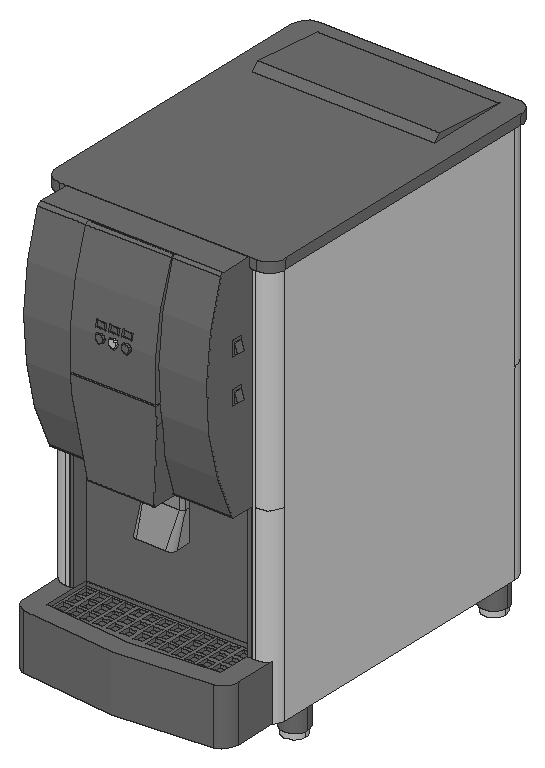
Revit family "QF_HOSHIZAKI_DCM-60KE-HC", category Specialty Equipment, Revit 2016
Family settings
  Part Type = Normal
  Round Connector Dimension = Use Diameter
  OmniClass Number = 23.40.40.14
  OmniClass Title = Food Service Equipment
  Work Plane-Based = No
  Always vertical = Yes
  Cut with Voids When Loaded = No
  Shared = No
  Room Calculation Point = No
Parameters (values of type "DCM-60KE-HC_230V/1Ph/50Hz")
  Weight = 47.00 kg
  Waste Remarks [instance] = ""
  Volts = 230 V
  URL Cutsheet = ""
  URL = "www.hoshizaki-europe.com"
  Status [instance] = ""
  Specification by User [instance] = ""
  Specification by Manufacturer [instance] = ""
  Serial Number = ""
  Seismic Rating = ""
  SMACNA No = ""
  Revision Code [instance] = ""
  Phase = 1
  Number of Poles = 2
  NAFEM Spec ID Number = ""
  Model = "DCM-60KE-HC"
  Min Ckt Ampacity = 0 A
  Max Overcurrent Protection = 0 A
  Masterspec = ""
  Manufacturer = "HOSHIZAKI"
  Length Actual = 350 mm
  Item Number [instance] = ""
  Installed By [instance] = ""
  Indirect Waste Size = 25.4 mm
  Indirect Waste Connection Type [instance] = ""
  Indirect Waste Connection Height [instance] = 27 mm
  Identify Quantity as Lot [instance] = no
  Height Actual = 695 mm
  HP power = ""
  Furnished By [instance] = ""
  Foodservice Equipment Identifier [instance] = yes
  FL Amps = 20 A
  Electric power = 280 W
  Electric Connection Type [instance] = ""
  Elec Conn RI Height [instance] = 0 mm
  Elec Conn Connection Height [instance] = 45 mm
  Direct Waste RI Height [instance] = 0 mm
  Description = "DCM ICE AND WATER DISPENSER, 60KG PER 24 HOURS, CUBELET AND WATER, LEVER"
  Depth Actual = 585 mm
  Cycle = 50 Hz
  Cost = 0
  Conn Plug = ""
  Conn Conduit = no
  Cold Water Temperature Recommended = 0 °C
  Cold Water Size = 19.05 mm
  Cold Water Flow = 0.0 L/s
  Cold Water Connection Height [instance] = 27 mm
  CSI MasterFormat = ""
  Assembly Code = "E1090320"
  Apparent Power = 280 VA
  Accessory = no
Types (2, lengths in mm): name | Volts | Cycle
  DCM-60KE-HC_230V/1Ph/50Hz | 230 V | 50 Hz
  DCM-60KE-HC_240V/1Ph/60Hz | 240 V | 60 Hz
Reference planes
  plane 1 "Center (Front/Back)": y = 0
  plane 2: z = 0
  plane 3 "Center (Left/Right)": x = 0
Forms (mm)
  Extrusion 1, solid, not visible
    sketch origin (24, -306, 26) x (1, 0, 0) y (0, 1, 0)
      loop
        line (0, 0) -> (2, 0) -> (2, 2) -> (0, 2) -> (0, 0)
    from 0 to 2
  Extrusion 2, solid, not visible
    sketch origin (266, -463, 26) x (1, 0, 0) y (0, 1, 0)
      loop
        line (0, 0) -> (2, 0) -> (2, 2) -> (0, 2) -> (0, 0)
    from 0 to 2
  Extrusion 3, solid, not visible
    sketch origin (319, -377, 44) x (1, 0, 0) y (0, 1, 0)
      loop
        line (0, 0) -> (2, 0) -> (2, 2) -> (0, 2) -> (0, 0)
    from 0 to 2
  Extrusion 4, solid, not visible
    sketch origin (24, -306, 26) x (1, 0, 0) y (0, 1, 0)
      loop
        line (0, 0) -> (2, 0) -> (2, 2) -> (0, 2) -> (0, 0)
    from 0 to 2
  Extrusion 5, solid, not visible
    sketch origin (266, -463, 26) x (1, 0, 0) y (0, 1, 0)
      loop
        line (0, 0) -> (2, 0) -> (2, 2) -> (0, 2) -> (0, 0)
    from 0 to 2
  Extrusion 6, solid, not visible
    sketch origin (319, -377, 44) x (1, 0, 0) y (0, 1, 0)
      loop
        line (0, 0) -> (2, 0) -> (2, 2) -> (0, 2) -> (0, 0)
    from 0 to 2
  Extrusion 7, solid, not visible
    sketch origin (24, -306, 26) x (1, 0, 0) y (0, 1, 0)
      loop
        line (0, 0) -> (2, 0) -> (2, 2) -> (0, 2) -> (0, 0)
    from 0 to 2
  Extrusion 8, solid, not visible
    sketch origin (266, -463, 26) x (1, 0, 0) y (0, 1, 0)
      loop
        line (0, 0) -> (2, 0) -> (2, 2) -> (0, 2) -> (0, 0)
    from 0 to 2
  Extrusion 9, solid, not visible
    sketch origin (319, -377, 44) x (1, 0, 0) y (0, 1, 0)
      loop
        line (0, 0) -> (2, 0) -> (2, 2) -> (0, 2) -> (0, 0)
    from 0 to 2
  Extrusion 10, solid, not visible
    sketch origin (24, -306, 26) x (1, 0, 0) y (0, 1, 0)
      loop
        line (0, 0) -> (2, 0) -> (2, 2) -> (0, 2) -> (0, 0)
    from 0 to 2
  Extrusion 11, solid, not visible
    sketch origin (266, -463, 26) x (1, 0, 0) y (0, 1, 0)
      loop
        line (0, 0) -> (2, 0) -> (2, 2) -> (0, 2) -> (0, 0)
    from 0 to 2
  Extrusion 12, solid, not visible
    sketch origin (319, -377, 44) x (1, 0, 0) y (0, 1, 0)
      loop
        line (0, 0) -> (2, 0) -> (2, 2) -> (0, 2) -> (0, 0)
    from 0 to 2
Dimensions and locks
  aligned and locked: level to plane 2
Nested families
  nested 1: "QF_HOSHIZAKI_DCM-60KE-HC_230V_1Ph_50Hz" at (0, 0, 0), type "DCM-60KE-HC_230V/1Ph/50Hz"
    with Show Clearance yes
Connectors
  piping at (25, -304, 27), diameter 19.05, driven by "Cold Water Size", driven by "Cold Water Flow"
    settings: on Extrusion 1, index 1, connector inside diameter 609.6 mm, connector length 0 mm, flow factor 0, pipe flow 0.0 L/s, pressure drop 0.0 Pa, fitting loss kfactor 0, connector angle 0.00°, fixture units 0, engagement length 0 mm, angle of deflection 0.00°, flow configuration 1, flow direction 1, fitting loss method 0, system type 20, joint type 0, gender type 0, connector reference index -1, connector utility 0, adjustable connector no, is connector primary yes, connector description "Cold Water connection for 'DCM-60KE-HC'"
  piping at (267, -461, 27), diameter 25.4, driven by "Indirect Waste Size"
    settings: on Extrusion 2, index 2, connector inside diameter 609.6 mm, connector length 0 mm, flow factor 0, pipe flow 0.0 L/s, pressure drop 0.0 Pa, fitting loss kfactor 0, connector angle 0.00°, fixture units 0, engagement length 0 mm, angle of deflection 0.00°, flow configuration 1, flow direction 2, fitting loss method 0, system type 16, joint type 0, gender type 0, connector reference index -1, connector utility 0, adjustable connector no, is connector primary no, connector description "Drain connection for 'DCM-60KE-HC'"
  electrical at (320, -375, 45), driven by "Apparent Power", driven by "Number of Poles", driven by "Volts"
    settings: on Extrusion 3, index 3, voltage 230 V, apparent load 0 VA, apparent load phase1 280 VA, apparent load phase2 0 VA, apparent load phase3 0 VA, power factor 1, load classification "Other", number of poles 2, system type 31, power factor state 1, is connector primary yes, connector utility no, sub classification motor no, connector description "Electric connection for 'DCM-60KE-HC'"
  piping at (25, -304, 27), diameter 19.05, driven by "Cold Water Size", driven by "Cold Water Flow"
    settings: on Extrusion 4, index 4, connector inside diameter 609.6 mm, connector length 0 mm, flow factor 0, pipe flow 0.0 L/s, pressure drop 0.0 Pa, fitting loss kfactor 0, connector angle 0.00°, fixture units 0, engagement length 0 mm, angle of deflection 0.00°, flow configuration 1, flow direction 1, fitting loss method 0, system type 20, joint type 0, gender type 0, connector reference index -1, connector utility 0, adjustable connector no, is connector primary no, connector description "Cold Water connection for 'DCM-60KE-HC'"
  piping at (267, -461, 27), diameter 25.4, driven by "Indirect Waste Size"
    settings: on Extrusion 5, index 5, connector inside diameter 609.6 mm, connector length 0 mm, flow factor 0, pipe flow 0.0 L/s, pressure drop 0.0 Pa, fitting loss kfactor 0, connector angle 0.00°, fixture units 0, engagement length 0 mm, angle of deflection 0.00°, flow configuration 1, flow direction 2, fitting loss method 0, system type 16, joint type 0, gender type 0, connector reference index -1, connector utility 0, adjustable connector no, is connector primary no, connector description "Drain connection for 'DCM-60KE-HC'"
  electrical at (320, -375, 45), driven by "Apparent Power", driven by "Number of Poles", driven by "Volts"
    settings: on Extrusion 6, index 6, voltage 230 V, apparent load 0 VA, apparent load phase1 280 VA, apparent load phase2 0 VA, apparent load phase3 0 VA, power factor 1, load classification "Other", number of poles 2, system type 31, power factor state 1, is connector primary no, connector utility no, sub classification motor no, connector description "Electric connection for 'DCM-60KE-HC'"
  piping at (25, -304, 27), diameter 19.05, driven by "Cold Water Size", driven by "Cold Water Flow"
    settings: on Extrusion 7, index 7, connector inside diameter 609.6 mm, connector length 0 mm, flow factor 0, pipe flow 0.0 L/s, pressure drop 0.0 Pa, fitting loss kfactor 0, connector angle 0.00°, fixture units 0, engagement length 0 mm, angle of deflection 0.00°, flow configuration 1, flow direction 1, fitting loss method 0, system type 20, joint type 0, gender type 0, connector reference index -1, connector utility 0, adjustable connector no, is connector primary no, connector description "Cold Water connection for 'DCM-60KE-HC'"
  piping at (267, -461, 27), diameter 25.4, driven by "Indirect Waste Size"
    settings: on Extrusion 8, index 8, connector inside diameter 609.6 mm, connector length 0 mm, flow factor 0, pipe flow 0.0 L/s, pressure drop 0.0 Pa, fitting loss kfactor 0, connector angle 0.00°, fixture units 0, engagement length 0 mm, angle of deflection 0.00°, flow configuration 1, flow direction 2, fitting loss method 0, system type 16, joint type 0, gender type 0, connector reference index -1, connector utility 0, adjustable connector no, is connector primary no, connector description "Drain connection for 'DCM-60KE-HC'"
  electrical at (320, -375, 45), driven by "Apparent Power", driven by "Number of Poles", driven by "Volts"
    settings: on Extrusion 9, index 9, voltage 230 V, apparent load 0 VA, apparent load phase1 280 VA, apparent load phase2 0 VA, apparent load phase3 0 VA, power factor 1, load classification "Other", number of poles 2, system type 31, power factor state 1, is connector primary no, connector utility no, sub classification motor no, connector description "Electric connection for 'DCM-60KE-HC'"
  piping at (25, -304, 27), diameter 19.05, driven by "Cold Water Size", driven by "Cold Water Flow"
    settings: on Extrusion 10, index 10, connector inside diameter 609.6 mm, connector length 0 mm, flow factor 0, pipe flow 0.0 L/s, pressure drop 0.0 Pa, fitting loss kfactor 0, connector angle 0.00°, fixture units 0, engagement length 0 mm, angle of deflection 0.00°, flow configuration 1, flow direction 1, fitting loss method 0, system type 20, joint type 0, gender type 0, connector reference index -1, connector utility 0, adjustable connector no, is connector primary no, connector description "Cold Water connection for 'DCM-60KE-HC'"
  piping at (267, -461, 27), diameter 25.4, driven by "Indirect Waste Size"
    settings: on Extrusion 11, index 11, connector inside diameter 609.6 mm, connector length 0 mm, flow factor 0, pipe flow 0.0 L/s, pressure drop 0.0 Pa, fitting loss kfactor 0, connector angle 0.00°, fixture units 0, engagement length 0 mm, angle of deflection 0.00°, flow configuration 1, flow direction 2, fitting loss method 0, system type 16, joint type 0, gender type 0, connector reference index -1, connector utility 0, adjustable connector no, is connector primary no, connector description "Drain connection for 'DCM-60KE-HC'"
  electrical at (320, -375, 45), driven by "Apparent Power", driven by "Number of Poles", driven by "Volts"
    settings: on Extrusion 12, index 12, voltage 230 V, apparent load 0 VA, apparent load phase1 280 VA, apparent load phase2 0 VA, apparent load phase3 0 VA, power factor 1, load classification "Other", number of poles 2, system type 31, power factor state 1, is connector primary no, connector utility no, sub classification motor no, connector description "Electric connection for 'DCM-60KE-HC'"
Definition of nested family "QF_HOSHIZAKI_DCM-60KE-HC_230V_1Ph_50Hz"
  Parameters (values of type "DCM-60KE-HC_230V/1Ph/50Hz")
    URL = "www.hoshizaki-europe.com"
    Show Clearance [instance] = yes
    Model = "DCM-60KE-HC"
    Manufacturer = "HOSHIZAKI"
    Description = "DCM ICE AND WATER DISPENSER, 60KG PER 24 HOURS, CUBELET AND WATER, LEVER"
    Assembly Code = "E1090320"
  Types (4, lengths in mm): name | Model | Description
    (no name) | "DCM-60KE" | "DCM ICE AND WATER DISPENSER, 60KG PER 24 HOURS, CUBELET AND WATER, PUSH BUTTON"
    DCM-60KE | "DCM-60KE" | "DCM ICE AND WATER DISPENSER, 60KG PER 24 HOURS, CUBELET AND WATER, PUSH BUTTON"
    DCM-60KE-P | "DCM-60KE-P" | "DCM ICE AND WATER DISPENSER, 60KG PER 24 HOURS, CUBELET AND WATER, PUSH BUTTON"
    DCM-60KE-HC_230V/1Ph/50Hz | "DCM-60KE-HC" | "DCM ICE AND WATER DISPENSER, 60KG PER 24 HOURS, CUBELET AND WATER, LEVER"
  Reference planes
    plane 1 "Back": y = 0
    plane 2: z = 0
    plane 3 "Left": x = 0
    plane 4 "Right": x = 350
    plane 5 "Front": y = -585
    plane 6 "Top": z = 695
  Forms (mm)
    Extrusion 1, solid
      sketch origin (0, 0, 0) x (1, 0, 0) y (0, 1, 0)
        loop
          arc (25, 0) -> (7.322, -7.322) -> (0, -25) r 25
          line (0, -25) -> (0, -472.5)
          arc (0, -472.5) -> (7.322, -490.178) -> (25, -497.5) r 25
          line (25, -497.5) -> (325, -497.5)
          arc (325, -497.5) -> (342.678, -490.178) -> (350, -472.5) r 25
          line (350, -472.5) -> (350, -25)
          arc (350, -25) -> (342.678, -7.322) -> (325, 0) r 25
          line (325, 0) -> (25, 0)
      from 670 to 685
    Extrusion 2, solid
      sketch origin (0, 0, 342) x (1, 0, 0) y (0, 1, 0)
        loop
          arc (25, -5) -> (10.858, -10.858) -> (5, -25) r 20
          line (5, -25) -> (5, -468)
          arc (5, -468) -> (12.322, -485.678) -> (30, -493) r 25
          line (30, -493) -> (320, -493)
          arc (320, -493) -> (337.678, -485.678) -> (345, -468) r 25
          line (345, -468) -> (345, -30)
          arc (345, -30) -> (337.678, -12.322) -> (320, -5) r 25
          line (320, -5) -> (25, -5)
      from 0 to 328
    Extrusion 3, solid
      sketch origin (0, 0, 50) x (1, 0, 0) y (0, 1, 0)
        loop
          arc (25, -5) -> (10.858, -10.858) -> (5, -25) r 20
          line (5, -25) -> (5, -468)
          arc (5, -468) -> (12.322, -485.678) -> (30, -493) r 25
          line (30, -493) -> (36, -493) -> (36, -464) -> (314, -464) -> (314, -493) -> (320, -493)
          arc (320, -493) -> (337.678, -485.678) -> (345, -468) r 25
          line (345, -468) -> (345, -30)
          arc (345, -30) -> (337.678, -12.322) -> (320, -5) r 25
          line (320, -5) -> (25, -5)
      from 0 to 292
    Extrusion 4, solid
      sketch origin (0, -66, 50) x (1, 0, 0) y (0, 1, 0)
        loop
          line (12, -419.349) -> (12, -482.41)
          arc (12, -482.41) -> (17.026, -497.445) -> (30.084, -506.435) r 25
          arc (30.084, -506.435) -> (175, -519.412) -> (319.916, -506.435) r 815.614
          arc (319.916, -506.435) -> (332.974, -497.445) -> (338, -482.41) r 25
          line (338, -482.41) -> (338, -419.349)
          arc (338, -419.349) -> (329.779, -425.008) -> (320, -427) r 25
          line (320, -427) -> (314, -427) -> (314, -398) -> (36, -398) -> (36, -427) -> (30, -427)
          arc (30, -427) -> (20.221, -425.008) -> (12, -419.349) r 25
        loop
          line (308, -403) -> (42, -403) -> (42, -478.072)
          arc (42, -478.072) -> (175, -489.412) -> (308, -478.072) r 785.614
          line (308, -478.072) -> (308, -403)
      from 0 to 85
    Extrusion 5, solid
      sketch origin (0, -66, 0) x (1, 0, 0) y (0, 1, 0)
        loop
          line (36, -398) -> (36, -427) -> (42, -427) -> (42, -403) -> (308, -403) -> (308, -427) -> (314, -427) -> (314, -398) -> (36, -398)
      from 135 to 342
    Extrusion 6, solid
      sketch origin (0, -66, 0) x (0, 1, 0) y (0, 0, 1)
        loop
          line (-432, 685) -> (-481.019, 685)
          arc (-481.019, 685) -> (-484.281, 684.203) -> (-486.807, 681.99) r 7.071
          arc (-486.807, 681.99) -> (-512.245, 511.161) -> (-465.09, 345.01) r 410.068
          arc (-465.09, 345.01) -> (-462.564, 342.797) -> (-459.302, 342) r 7.071
          line (-459.302, 342) -> (-427, 342) -> (-427, 670) -> (-432, 670) -> (-432, 685)
      from 36 to 314
    Extrusion 7, solid
      sketch origin (110, -56, 0) x (0, 1, 0) y (0, 0, 1)
        loop
          arc (-519.687, 494) -> (-518.711, 589.399) -> (-495.717, 681.99) r 410.068
          arc (-495.717, 681.99) -> (-493.191, 684.203) -> (-489.929, 685) r 7.071
          line (-489.929, 685) -> (-491.929, 685)
          arc (-491.929, 685) -> (-495.191, 684.203) -> (-497.717, 681.99) r 7.071
          arc (-497.717, 681.99) -> (-523.03, 589.664) -> (-526.687, 494) r 418.253
          line (-526.687, 494) -> (-519.687, 494)
        loop
          line (-506.898, 342) -> (-468.212, 342)
          arc (-468.212, 342) -> (-471.474, 342.797) -> (-474, 345.01) r 7.071
          arc (-474, 345.01) -> (-503.615, 416.113) -> (-519.412, 491.5) r 410.068
          line (-519.412, 491.5) -> (-526.672, 491.5)
          arc (-526.672, 491.5) -> (-521.965, 418.037) -> (-512.687, 345.01) r 1179.959
          arc (-512.687, 345.01) -> (-510.16, 342.797) -> (-506.898, 342) r 7.071
      from 0 to 130
    Extrusion 8, void
      sketch origin (0, -66, 0) x (1, 0, 0) y (0, 0, 1)
        loop
          line (225, 342) -> (240, 342) -> (240, 464.165) -> (225, 342)
        loop
          line (125, 342) -> (110, 464.165) -> (110, 342) -> (125, 342)
      from 527.039 to 427
    Extrusion 9, solid
      sketch origin (0, -66, 0) x (1, 0, 0) y (0, 1, 0)
        loop
          arc (42, -478.072) -> (175, -489.412) -> (308, -478.072) r 785.614
          line (308, -478.072) -> (308, -403) -> (42, -403) -> (42, -478.072)
      from 50 to 65.191
    Extrusion 10, solid
      sketch origin (0, -66, 125) x (1, 0, 0) y (0, 1, 0)
        loop
          line (44, -405) -> (44, -478.385)
          arc (44, -478.385) -> (175, -489.412) -> (306, -478.385) r 783.614
          line (306, -478.385) -> (306, -405) -> (44, -405)
        loop
          line (62.5, -410) -> (47.5, -410) -> (47.5, -427) -> (62.5, -427) -> (62.5, -410)
        loop
          line (67.5, -410) -> (67.5, -427) -> (82.5, -427) -> (82.5, -410) -> (67.5, -410)
        loop
          line (87.5, -410) -> (87.5, -427) -> (102.5, -427) -> (102.5, -410) -> (87.5, -410)
        loop
          line (107.5, -410) -> (107.5, -427) -> (122.5, -427) -> (122.5, -410) -> (107.5, -410)
        loop
          line (127.5, -410) -> (127.5, -427) -> (142.5, -427) -> (142.5, -410) -> (127.5, -410)
        loop
          line (147.5, -410) -> (147.5, -427) -> (162.5, -427) -> (162.5, -410) -> (147.5, -410)
        loop
          line (167.5, -410) -> (167.5, -427) -> (182.5, -427) -> (182.5, -410) -> (167.5, -410)
        loop
          line (187.5, -410) -> (187.5, -427) -> (202.5, -427) -> (202.5, -410) -> (187.5, -410)
        loop
          line (207.5, -410) -> (207.5, -427) -> (222.5, -427) -> (222.5, -410) -> (207.5, -410)
        loop
          line (227.5, -410) -> (227.5, -427) -> (242.5, -427) -> (242.5, -410) -> (227.5, -410)
        loop
          line (247.5, -410) -> (247.5, -427) -> (262.5, -427) -> (262.5, -410) -> (247.5, -410)
        loop
          line (267.5, -410) -> (267.5, -427) -> (282.5, -427) -> (282.5, -410) -> (267.5, -410)
        loop
          line (287.5, -410) -> (287.5, -427) -> (302.5, -427) -> (302.5, -410) -> (287.5, -410)
        loop
          line (62.5, -432) -> (47.5, -432) -> (47.5, -449) -> (62.5, -449) -> (62.5, -432)
        loop
          line (67.5, -432) -> (67.5, -449) -> (82.5, -449) -> (82.5, -432) -> (67.5, -432)
        loop
          line (87.5, -432) -> (87.5, -449) -> (102.5, -449) -> (102.5, -432) -> (87.5, -432)
        loop
          line (107.5, -432) -> (107.5, -449) -> (122.5, -449) -> (122.5, -432) -> (107.5, -432)
        loop
          line (127.5, -432) -> (127.5, -449) -> (142.5, -449) -> (142.5, -432) -> (127.5, -432)
        loop
          line (147.5, -432) -> (147.5, -449) -> (162.5, -449) -> (162.5, -432) -> (147.5, -432)
        loop
          line (167.5, -432) -> (167.5, -449) -> (182.5, -449) -> (182.5, -432) -> (167.5, -432)
        loop
          line (187.5, -432) -> (187.5, -449) -> (202.5, -449) -> (202.5, -432) -> (187.5, -432)
        loop
          line (207.5, -432) -> (207.5, -449) -> (222.5, -449) -> (222.5, -432) -> (207.5, -432)
        loop
          line (227.5, -432) -> (227.5, -449) -> (242.5, -449) -> (242.5, -432) -> (227.5, -432)
        loop
          line (247.5, -432) -> (247.5, -449) -> (262.5, -449) -> (262.5, -432) -> (247.5, -432)
        loop
          line (267.5, -432) -> (267.5, -449) -> (282.5, -449) -> (282.5, -432) -> (267.5, -432)
        loop
          line (287.5, -432) -> (287.5, -449) -> (302.5, -449) -> (302.5, -432) -> (287.5, -432)
        loop
          line (62.5, -454) -> (47.5, -454) -> (47.5, -471) -> (62.5, -471) -> (62.5, -454)
        loop
          line (67.5, -454) -> (67.5, -471) -> (82.5, -471) -> (82.5, -454) -> (67.5, -454)
        loop
          line (87.5, -454) -> (87.5, -471) -> (102.5, -471) -> (102.5, -454) -> (87.5, -454)
        loop
          line (107.5, -454) -> (107.5, -471) -> (122.5, -471) -> (122.5, -454) -> (107.5, -454)
        loop
          line (127.5, -454) -> (127.5, -471) -> (142.5, -471) -> (142.5, -454) -> (127.5, -454)
        loop
          line (147.5, -454) -> (147.5, -471) -> (162.5, -471) -> (162.5, -454) -> (147.5, -454)
        loop
          line (167.5, -454) -> (167.5, -471) -> (182.5, -471) -> (182.5, -454) -> (167.5, -454)
        loop
          line (187.5, -454) -> (187.5, -471) -> (202.5, -471) -> (202.5, -454) -> (187.5, -454)
        loop
          line (207.5, -454) -> (207.5, -471) -> (222.5, -471) -> (222.5, -454) -> (207.5, -454)
        loop
          line (227.5, -454) -> (227.5, -471) -> (242.5, -471) -> (242.5, -454) -> (227.5, -454)
        loop
          line (247.5, -454) -> (247.5, -471) -> (262.5, -471) -> (262.5, -454) -> (247.5, -454)
        loop
          line (267.5, -454) -> (267.5, -471) -> (282.5, -471) -> (282.5, -454) -> (267.5, -454)
        loop
          line (287.5, -454) -> (287.5, -471) -> (302.5, -471) -> (302.5, -454) -> (287.5, -454)
      from 0 to 5
    Blend 11, solid
      base sketch origin (0, -166, 0) x (1, 0, 0) y (0, 1, 0)
        loop
          line (140.482, -311.165) -> (140.482, -332.165)
          arc (140.482, -332.165) -> (143.411, -339.236) -> (150.482, -342.165) r 10
          line (150.482, -342.165) -> (195.482, -342.165)
          arc (195.482, -342.165) -> (202.553, -339.236) -> (205.482, -332.165) r 10
          line (205.482, -332.165) -> (205.482, -311.165) -> (140.482, -311.165)
      top sketch origin (0, -166, 0) x (1, 0, 0) y (0, 1, 0)
        loop
          line (140.482, -311.165) -> (140.482, -316.665)
          arc (140.482, -316.665) -> (142.093, -320.554) -> (145.982, -322.165) r 5.5
          line (145.982, -322.165) -> (199.982, -322.165)
          arc (199.982, -322.165) -> (203.871, -320.554) -> (205.482, -316.665) r 5.5
          line (205.482, -316.665) -> (205.482, -311.165) -> (140.482, -311.165)
      from 246.816 to 295.491
    Extrusion 12, void
      sketch origin (10.847, -578.687, -25.244) x (1, 0, 0) y (0, 0, 1)
        loop
          line (136.653, 603.244) -> (136.653, 593.244) -> (151.653, 593.244) -> (151.653, 603.244) -> (136.653, 603.244)
        loop
          line (156.653, 603.244) -> (156.653, 593.244) -> (171.653, 593.244) -> (171.653, 603.244) -> (156.653, 603.244)
        loop
          line (176.653, 603.244) -> (176.653, 593.244) -> (191.653, 593.244) -> (191.653, 603.244) -> (176.653, 603.244)
        loop
          circle (144.348, 580.744) r 7.5
        loop
          circle (164.348, 580.744) r 7.5
        loop
          circle (184.348, 580.744) r 7.5
      from 0 to 40
    Extrusion 13, solid
      sketch origin (0, -56, 568.172) x (1, 0, 0) y (0, 1, 0)
        loop
          line (148.752, -523.552) -> (161.455, -525.792) -> (161.455, -520.871) -> (148.752, -520.871) -> (148.752, -523.552)
      from 0.911 to 8.576
    Extrusion 14, solid
      sketch origin (20, -56, 568.172) x (1, 0, 0) y (0, 1, 0)
        loop
          line (148.752, -523.552) -> (161.455, -525.792) -> (161.455, -520.871) -> (148.752, -520.871) -> (148.752, -523.552)
      from 0.911 to 8.576
    Extrusion 15, solid
      sketch origin (40, -56, 568.172) x (1, 0, 0) y (0, 1, 0)
        loop
          line (148.752, -523.552) -> (161.455, -525.792) -> (161.455, -520.871) -> (148.752, -520.871) -> (148.752, -523.552)
      from 0.911 to 8.576
    Extrusion 16, solid
      sketch origin (0, -577.851, 0) x (1, 0, 0) y (0, 0, 1)
        loop
          circle (155.195, 555.5) r 5.5
      from 0 to 7.129
    Extrusion 17, solid
      sketch origin (40, -577.851, 0) x (1, 0, 0) y (0, 0, 1)
        loop
          circle (155.195, 555.5) r 5.5
      from 0 to 7.129
    Extrusion 18, solid
      sketch origin (20, -577.851, 0) x (1, 0, 0) y (0, 0, 1)
        loop
          circle (155.195, 555.5) r 5.5
      from 0 to 7.129
    Extrusion 19, solid
      sketch origin (-132.67, 338.627, 0.282) x (1, 0, 0) y (0, 1, 0)
        loop
          circle (166.67, -372.627) r 20.5
      from 9.718 to 49.718
    Extrusion 20, solid
      sketch origin (-132.67, 338.627, 0) x (1, 0, 0) y (0, 1, 0)
        loop
          circle (166.67, -372.627) r 17.5
      from 0 to 10
    Extrusion 21, solid
      sketch origin (482.67, 338.627, 0.282) x (-1, 0, 0) y (0, -1, 0)
        loop
          circle (166.67, 372.627) r 20.5
      from 9.718 to 49.718
    Extrusion 22, solid
      sketch origin (482.67, 338.627, 0) x (-1, 0, 0) y (0, -1, 0)
        loop
          circle (166.67, 372.627) r 17.5
      from 0 to 10
    Extrusion 23, solid
      sketch origin (-132.67, -41.373, 0.282) x (1, 0, 0) y (0, 1, 0)
        loop
          circle (166.67, -372.627) r 20.5
      from 9.718 to 49.718
    Extrusion 24, solid
      sketch origin (-132.67, -41.373, 0) x (1, 0, 0) y (0, 1, 0)
        loop
          circle (166.67, -372.627) r 17.5
      from 0 to 10
    Extrusion 25, solid
      sketch origin (482.67, -41.373, 0.282) x (-1, 0, 0) y (0, -1, 0)
        loop
          circle (166.67, 372.627) r 20.5
      from 9.718 to 49.718
    Extrusion 26, solid
      sketch origin (482.67, -41.373, 0) x (-1, 0, 0) y (0, -1, 0)
        loop
          circle (166.67, 372.627) r 17.5
      from 0 to 10
    Extrusion 27, solid
      sketch origin (0, -66, 0) x (1, 0, 0) y (0, 1, 0)
        loop
          line (140.482, -411.165) -> (140.482, -416.665)
          arc (140.482, -416.665) -> (142.093, -420.554) -> (145.982, -422.165) r 5.5
          line (145.982, -422.165) -> (199.982, -422.165)
          arc (199.982, -422.165) -> (203.871, -420.554) -> (205.482, -416.665) r 5.5
          line (205.482, -416.665) -> (205.482, -411.165) -> (140.482, -411.165)
      from 295.491 to 342
    Extrusion 28, solid
      sketch origin (0, 0, 0) x (0, 1, 0) y (0, 0, 1)
        loop
          line (-20, 685) -> (-134.301, 695) -> (-144.301, 685) -> (-20, 685)
      from 314 to 36
    Extrusion 29, solid
      sketch origin (-6.587, -35.66, 27) x (1, 0, 0) y (0, 1, 0)
        loop
          circle (31.587, -268.34) r 10
        loop
          circle (31.587, -268.34) r 8
      from 0 to 23
    Extrusion 30, solid
      sketch origin (117.104, -60.281, 45) x (1, 0, 0) y (0, 1, 0)
        loop
          circle (202.896, -313.719) r 5
      from 0 to 5
    Sweep 31, solid
      path origin (267, -143.502, 0) x (0, 1, 0) y (0, 0, 1)
        loop
          line (-343, 50) -> (-343, 37.5)
          arc (-343, 37.5) -> (-338.607, 26.893) -> (-328, 22.5) r 15
          line (-328, 22.5) -> (-317.393, 22.5)
      profile origin (267, -486.502, 43.75) x (1, 0, 0) y (0, 1, 0)
        loop
          circle (0, 0) r 12.5
        loop
          circle (0, 0) r 10.5
    Extrusion 32, solid
      sketch origin (314, 15, 35) x (0, 1, 0) y (0, 0, 1)
        loop
          line (-546.84, 550.904) -> (-546.84, 529.904) -> (-531.84, 529.904) -> (-531.84, 550.904) -> (-546.84, 550.904)
      from 0 to 2
    Extrusion 33, solid
      sketch origin (314, 15, -32) x (0, 1, 0) y (0, 0, 1)
        loop
          line (-546.84, 550.904) -> (-546.84, 529.904) -> (-531.84, 529.904) -> (-531.84, 550.904) -> (-546.84, 550.904)
      from 0 to 2
    Extrusion 34, solid
      sketch origin (0, -679.835, 0) x (1, 0, 0) y (0, 0, 1)
        loop
          line (316, 583.434) -> (316, 566.716) -> (322.223, 569.617) -> (318.043, 582.481) -> (316, 583.434)
      from -150 to -160.99
    Extrusion 35, solid
      sketch origin (0, -679.835, -67) x (1, 0, 0) y (0, 0, 1)
        loop
          line (316, 583.434) -> (316, 566.716) -> (322.223, 569.617) -> (318.043, 582.481) -> (316, 583.434)
      from -150 to -160.99
  Cuts and joins
    Extrusion 8, Extrusion 12 cuts Extrusion 7
    joined: Extrusion 2, Extrusion 3
  Lines and regions (mm)
    symbolic lines
      curve 1: line (25, 0, 0) -> (325, 0, 0)
      curve 2: arc (325, 0, 0) -> (342.678, -7.322, 0) -> (350, -25, 0) r 25
      curve 3: line (350, -25, 0) -> (350, -472.5, 0)
      curve 4: arc (350, -472.5, 0) -> (342.678, -490.178, 0) -> (325, -497.5, 0) r 25
      curve 5: line (338, -493.854, 0) -> (338, -548.41, 0)
      curve 6: arc (338, -548.41, 0) -> (332.974, -563.445, 0) -> (319.916, -572.435, 0) r 25
      curve 7: arc (319.916, -572.435, 0) -> (177.958, -585.981, 0) -> (36, -572.435, 0) r 750.588
      curve 8: arc (36, -572.435, 0) -> (19.029, -565.405, 0) -> (12, -548.435, 0) r 24
      curve 9: line (12, -548.435, 0) -> (12, -493.854, 0)
      curve 10: arc (25, -497.5, 0) -> (7.322, -490.178, 0) -> (0, -472.5, 0) r 25
      curve 11: line (0, -472.5, 0) -> (0, -25, 0)
      curve 12: arc (0, -25, 0) -> (7.322, -7.322, 0) -> (25, 0, 0) r 25
      curve 13: line (36, -497.5, 0) -> (36, -572.435, 0)
      curve 14: line (314, -497.5, 0) -> (314, -573.55, 0)
      curve 15: line (325, -497.5, 0) -> (25, -497.5, 0)
      curve 16: line (36, -20, 0) -> (314, -20, 0)
      curve 17: line (314, -20, 0) -> (314, -144.301, 0)
      curve 18: line (314, -144.301, 0) -> (36, -144.301, 0)
      curve 19: line (36, -144.301, 0) -> (36, -20, 0)
  Dimensions and locks
    aligned and locked: level to plane 2
  Connectors
    piping at (25, -304, 27), diameter 19.05
      settings: on Extrusion 29, index 1, connector inside diameter 609.6 mm, connector length 0 mm, flow factor 0, pipe flow 0.0 L/s, pressure drop 0.0 Pa, fitting loss kfactor 0, connector angle 0.00°, fixture units 0, engagement length 0 mm, angle of deflection 0.00°, flow configuration 1, flow direction 1, fitting loss method 0, system type 20, joint type 0, gender type 0, connector reference index -1, connector utility 0, adjustable connector no, is connector primary yes, connector description "Cold Water Connection"
    electrical at (320, -374, 45)
      settings: on Extrusion 30, index 2, voltage 230 V, apparent load 0 VA, apparent load phase1 280 VA, apparent load phase2 0 VA, apparent load phase3 0 VA, power factor 1, load classification none, number of poles 1, system type 31, power factor state 1, is connector primary yes, connector utility no, sub classification motor no, connector description "Electrical Connection"
    piping at (267, -460.895, 22.5), diameter 25.4
      settings: on Sweep 31, index 3, connector inside diameter 609.6 mm, connector length 0 mm, flow factor 0, pipe flow 0.0 L/s, pressure drop 0.0 Pa, fitting loss kfactor 0, connector angle 0.00°, fixture units 0, engagement length 0 mm, angle of deflection 0.00°, flow configuration 1, flow direction 2, fitting loss method 0, system type 16, joint type 0, gender type 0, connector reference index -1, connector utility 0, adjustable connector no, is connector primary no, connector description "Indirect Waste Connection"
